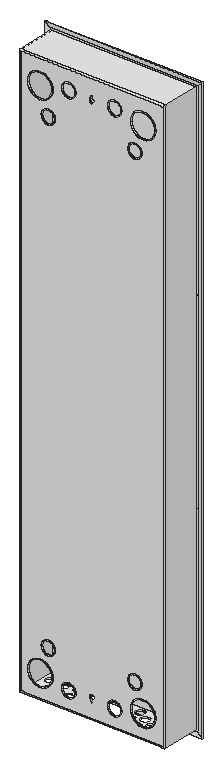
Revit family "Leviton_66POS_REF", category Electrical Equipment, host Wall, Revit 2026
Family settings
  Host = Wall
  Panel Configuration = Two Columns, Circuits Across
  Round Connector Dimension = Use Diameter
  Part Type = Panelboard
  Always vertical = Yes
  Cut with Voids When Loaded = Yes
  Maintain Annotation Orientation = No
  Shared = No
  Room Calculation Point = No
Parameters
  Weight = 29.00 lbf
  Wattage = ""
  Voltage_MEP = 120 V
  Voltage = ""
  Unit Width = Overall Width - 1.349"  # 14.115"
  Unit Height = Overall Height - 1.9138"  # 55.8732"
  Unit Depth = 3.800"  # constant formula
  URL = "https://www.leviton.com/en"
  built-in parameter 1140142 [instance] = (empty or 0)
  Specification = "https://www.arcat.com/company/leviton-mfg-co-inc-41690/spec"
  built-in parameter 1140080 [instance] = (empty or 0)
  Product Data = "https://www.arcat.com/arcatcos/cos41/arc41690.html"
  Panel Name [instance] = (empty or 0)
  Swing Panel Angle [instance] = 0.00°
  Overall Width = 15.464"  # constant formula
  Overall Height = 57.787"  # constant formula
  Number of Pole = 1
  Neutral Rating = 0.00%
  Neutral Bus = (empty or 0)
  NEMA Enclosure Type = "NEMA 1 Indoor"
  built-in parameter 1140081 [instance] = (empty or 0)
  Model = "66POS REF"
  built-in parameter 1140079 [instance] = (empty or 0)
  Manufacturer = "Leviton"  # constant formula
  Mains Type = ""
  built-in parameter 1140082 [instance] = (empty or 0)
  built-in parameter 1140140 [instance] = (empty or 0)
  Load Classification [instance] = none
  Ground Bus = no
  built-in parameter 1155100 [instance] = -1
  built-in parameter 1140138 [instance] = (empty or 0)
  Dimensions = "55.873\" H x 14.115\" W x 3.800\" D"
  Description = "66 Space Indoor Load Center Cover and Door with Window"
  Default Elevation = 0.000"
  Cost = 1
  Copyright = "© 2022 Leviton Manufacturing Co., Inc."  # constant formula
  built-in parameter 1140086 [instance] = (empty or 0)
  built-in parameter 1140085 [instance] = (empty or 0)
  built-in parameter 1140087 [instance] = element -7000010
  built-in parameter 1140143 = (empty or 0)
Reference planes (in)
  plane 1: y = 0
  plane 2 "Center (Left/Right)": x = 0
  plane 3 "Wall Edge": y = 6
  plane 4: z = 57.787
  plane 5: x = -7.732
  plane 6: x = 7.732
  plane 7 "Base": z = 0
  plane 8: y = 2.2
  plane 9: z = 56.8301
  plane 10: z = 0.9569
  plane 11: x = -7.0575
  plane 12: x = 7.0575
  plane 13: y = 6.10905
  plane 14: y = 6.05853
  plane 15: y = 6.32605
  plane 16: y = 6.529
  plane 17: z = 47.41801
  plane 18: z = 5.21792
  plane 19: x = -4.99989
  plane 20: z = 0.675
  plane 21: z = 57.112
  plane 22: y = 2.2635
  plane 23: x = 6.87757
  plane 24: x = 5.49988
  plane 25: x = -5.49988
  plane 26: x = -6.87485
  plane 27: z = 56.41049
  plane 28: z = 38.97845
  plane 29: z = 20.1699
  plane 30: z = 1.36135
  plane 31: z = 55.12825
  plane 32: z = 55.50325
  plane 33: z = 2.65875
  plane 34: z = 2.28375
  plane 35: x = 4.93739
  plane 36: x = 4.78069
  plane 37: z = 0.6084
Forms (in)
  Sweep 1, solid, material "Body"
    path origin (0, 6, 0) x (1, 0, 0) y (0, 0, 1)
      loop
        line (-7.0575, 57.112) -> (-7.0575, 0.675) -> (7.0575, 0.675) -> (7.0575, 57.112) -> (-7.0575, 57.112)
    profile origin (-7.0575, 6, 28.8935) x (0, -1, 0) y (1, 0, 0)
      loop
        line (-0.10905, 0) -> (-0.10905, -0.29564) -> (-0.05902, -0.67451) -> (0.00005, -0.66671) -> (-0.05853, -0.22311) -> (-0.05853, -0.0666) -> (3.70475, -0.0666)
        arc (3.70475, -0.0666) -> (3.7721, -0.0387) -> (3.8, 0.02865) r 0.09525
        line (3.8, 0.02865) -> (3.8, 0.11965) -> (3.7365, 0.11965) -> (3.7365, 0.02865)
        arc (3.7365, 0.02865) -> (3.72614, 0.00822) -> (3.70475, 0) r 0.03192
        line (3.70475, 0) -> (-0.10905, 0)
  Sweep 2, solid, material "Body"
    path origin (0, 6, 0) x (1, 0, 0) y (0, 0, 1)
      loop
        line (-4.99989, 47.01801) -> (-4.99989, 5.61792)
        arc (-4.99989, 5.61792) -> (-4.88273, 5.33508) -> (-4.59989, 5.21792) r 0.4
        line (-4.59989, 5.21792) -> (4.43538, 5.21792)
        arc (4.43538, 5.21792) -> (4.71822, 5.33508) -> (4.83538, 5.61792) r 0.4
        line (4.83538, 5.61792) -> (4.83538, 47.01801)
        arc (4.83538, 47.01801) -> (4.71822, 47.30085) -> (4.43538, 47.41801) r 0.4
        line (4.43538, 47.41801) -> (-4.59989, 47.41801)
        arc (-4.59989, 47.41801) -> (-4.88273, 47.30085) -> (-4.99989, 47.01801) r 0.4
    profile origin (-4.99989, 6, 26.31797) x (0, -1, 0) y (1, 0, 0)
      loop
        line (-0.10905, -1.24997) -> (-0.10905, -1.02544) -> (-0.27605, -0.29436) -> (-0.27605, -0.05) -> (-0.05853, -0.05) -> (-0.05853, 0.1) -> (-0.10905, 0.1) -> (-0.10905, 0) -> (-0.32605, 0) -> (-0.32605, -0.29999) -> (-0.10905, -1.24997)
  Extrusion 3, solid, material "Body"
    sketch origin (0, 6, 0) x (1, 0, 0) y (0, 0, 1)
      loop
        line (-6.93785, 56.99235) -> (-6.93785, 0.79465) -> (6.93785, 0.79465) -> (6.93785, 56.99235) -> (-6.93785, 56.99235)
      loop
        arc (0.1, 55.50325) -> (0, 55.60325) -> (-0.1, 55.50325) r 0.1
        line (-0.1, 55.50325) -> (-0.1, 55.35738)
        arc (-0.1, 55.35738) -> (0, 54.87825) -> (0.1, 55.35738) r 0.25
        line (0.1, 55.35738) -> (0.1, 55.50325)
      loop
        line (0.1, 2.28375) -> (0.1, 2.42962)
        arc (0.1, 2.42962) -> (0, 2.90875) -> (-0.1, 2.42962) r 0.25
        line (-0.1, 2.42962) -> (-0.1, 2.28375)
        arc (-0.1, 2.28375) -> (0, 2.18375) -> (0.1, 2.28375) r 0.1
    from 3.7365 to 3.8
  Extrusion 4, solid, material "Body"
    sketch origin (0, 6, 0) x (1, 0, 0) y (0, 0, 1)
      loop
        line (7.0575, 0.675) -> (7.0575, 57.112) -> (-7.0575, 57.112) -> (-7.0575, 0.675) -> (7.0575, 0.675)
      loop
        line (-4.99989, 47.41801) -> (-4.99989, 5.21792) -> (4.83538, 5.21792) -> (4.83538, 47.41801) -> (-4.99989, 47.41801)
    from -0.10905 to -0.05853
  Extrusion 5, void
    sketch origin (0, 6, 0) x (1, 0, 0) y (0, 0, 1)
      loop
        line (7.0575, 57.112) -> (-7.0575, 57.112) -> (-7.0575, 0.675) -> (7.0575, 0.675) -> (7.0575, 57.112)
    from -0.47169 to 3.8
  Extrusion 6, void
    sketch origin (-4.93739, 3.32605, -1.25) x (1, 0, 0) y (0, 1, 0)
      loop
        circle (10.7367, 0.07387) r 0.99193
      loop
        circle (11.13667, 1.87375) r 0.55446
      loop
        circle (9.73676, 1.87375) r 0.55446
      loop
        circle (9.1568, 0.79883) r 0.43747
      loop
        circle (8.15687, 1.38929) r 0.43747
      loop
        circle (7.15693, 1.97975) r 0.43747
      loop
        circle (7.15693, 0.79883) r 0.43747
      loop
        circle (8.15687, 0.20836) r 0.43747
      loop
        circle (9.1568, -0.3821) r 0.43747
      loop
        circle (7.15693, -0.3821) r 0.43747
      loop
        circle (1.24707, 1.79776) r 0.43747
      loop
        circle (0.0374, 1.62617) r 0.43747
      loop
        circle (-1.36251, 1.62617) r 0.43747
      loop
        circle (-0.66255, 0.67623) r 0.43747
      loop
        circle (-1.36251, -0.2737) r 0.43747
      loop
        circle (0.0374, -0.2737) r 0.43747
      loop
        circle (1.37006, 0.37885) r 0.68745
      loop
        circle (2.90591, -0.18861) r 0.55446
      loop
        circle (2.90591, 1.68627) r 0.55446
      loop
        circle (4.93708, 0.73383) r 1.4844
    from 1.925 to 1.8584
  Extrusion 7, void
    sketch origin (0, 6, 0) x (1, 0, 0) y (0, 0, 1)
      loop
        circle (-5.12174, 54.67356) r 1.2345
      loop
        circle (4.97826, 54.67356) r 1.2345
      loop
        circle (-5.12174, 2.95356) r 1.2345
      loop
        circle (4.97826, 2.95356) r 1.2345
    from 3.7365 to 3.8
  Extrusion 8, void
    sketch origin (0, 6, 0) x (1, 0, 0) y (0, 0, 1)
      loop
        circle (-2.32174, 55.22301) r 0.6875
      loop
        circle (2.17826, 55.22301) r 0.6875
      loop
        circle (-4.32174, 52.17356) r 0.6875
      loop
        circle (4.17826, 52.17356) r 0.6875
      loop
        circle (-4.32174, 5.45356) r 0.6875
      loop
        circle (4.17826, 5.45356) r 0.6875
      loop
        circle (2.17826, 2.40411) r 0.6875
      loop
        circle (-2.32174, 2.40411) r 0.6875
    from 3.7365 to 3.8
  Extrusion 9, solid, material "Body"
    sketch origin (0, 6, 0) x (1, 0, 0) y (0, 0, 1)
      loop
        circle (-5.12174, 2.95356) r 1.2345
      loop
        circle (-2.32174, 2.40411) r 0.6875
      loop
        circle (-4.32174, 5.45356) r 0.6875
      loop
        circle (2.17826, 2.40411) r 0.6875
      loop
        circle (4.97826, 2.95356) r 1.2345
      loop
        circle (4.17826, 5.45356) r 0.6875
      loop
        circle (4.17826, 52.17356) r 0.6875
      loop
        circle (4.97826, 54.67356) r 1.2345
      loop
        circle (2.17826, 55.22301) r 0.6875
      loop
        circle (-2.32174, 55.22301) r 0.6875
      loop
        circle (-5.12174, 54.67356) r 1.2345
      loop
        circle (-4.32174, 52.17356) r 0.6875
      loop
        circle (-5.12174, 54.67356) r 1.1845
      loop
        circle (-2.32174, 55.22301) r 0.6375
      loop
        circle (2.17826, 55.22301) r 0.6375
      loop
        circle (4.97826, 54.67356) r 1.1845
      loop
        circle (4.17826, 52.17356) r 0.6375
      loop
        circle (-4.32174, 52.17356) r 0.6375
      loop
        circle (-5.12174, 2.95356) r 1.1845
      loop
        circle (-4.32174, 5.45356) r 0.6375
      loop
        circle (-2.32174, 2.40411) r 0.6375
      loop
        circle (2.17826, 2.40411) r 0.6375
      loop
        circle (4.97826, 2.95356) r 1.1845
      loop
        circle (4.17826, 5.45356) r 0.6375
    from 3.7365 to 3.8
Cuts and joins
  Extrusion 6 cuts Sweep 1
  Extrusion 7, Extrusion 8 cuts Extrusion 3
  Extrusion 7, Extrusion 8 cuts Extrusion 4
  joined: Sweep 1, Extrusion 3, Extrusion 4
Lines and regions (in)
  reference lines
    curve 1: line (4.78069, 6.32605, 0) -> (-20.46931, 6.32605, 0)
Text (in)
  text "Placement Side" at (0, 40.15149, 123.01588), in view "Right"
  text "Placement Side" at (-70.3804, 28.46503, 0), in view "Ref. Level"
  text "Placement Side" at (0, 81.62555, 140.59947), in view "Left"
Dimensions and locks (in)
  locked: plane 3 "Wall Edge" to host wall
  "Overall Height": plane 7 "Base" to plane 4
  equal spacing: plane 5, plane 2 "Center (Left/Right)", plane 6
  "Overall Width": plane 5 to plane 6
  level to plane 7 "Base" = 0.000"
  "Unit Depth": plane 3 "Wall Edge" to plane 8
  equal spacing: plane 11, plane 2 "Center (Left/Right)", plane 12
  "Unit Width": plane 11 to plane 12
  "Unit Height": plane 10 to plane 9
  plane 5 to plane 11 = 0.6745"
  plane 12 to plane 6 = 0.6745"
  plane 7 "Base" to plane 4 = 57.787"
  plane 10 to plane 9 = 55.8732"
  locked: plane 7 "Base" to plane 18 at 5.21792
  locked: plane 17 to plane 4 at 10.36899
  locked: plane 5 to plane 19 at 2.73211
  plane 3 "Wall Edge" to plane 14 to plane 13 to plane 15 = 0.05853" locked, 0.05053" locked, 0.217" locked
  locked: plane 19 to Sweep 2 sketch curve at 0.4  (x2)
  locked: plane 18 to Sweep 2 sketch curve at 0.4  (x2)
  locked: Sweep 2 sketch curve to plane 17 at 0.4  (x2)
  locked: plane 21 to plane 4 at 0.675
  locked: plane 7 "Base" to plane 20 at 0.675
  locked: plane 22 to plane 8 at 0.0635
  plane 24 to plane 23 to plane 6 = 1.37769" locked, 0.85443" locked
  plane 5 to plane 26 to plane 25 = 0.85715" locked, 1.37497" locked
  locked: plane 7 "Base" to plane 30 at 1.36135
  locked: plane 27 to plane 4 at 1.37651
  plane 7 "Base" to plane 29 to plane 28 to plane 4 = 20.1699", 18.80855", 18.80855"
  equal spacing: plane 30, plane 29, plane 28, plane 4
  locked: plane 7 "Base" to plane 10 at 0.9569
  plane 31 to plane 32 to plane 4 = 0.375" locked, 2.28375" locked
  locked: plane 33 to plane 34 at 0.375
  locked: plane 7 "Base" to plane 34 at 2.28375
  locked: Sweep 1 sketch curve to plane 8 at 0.09525  (x2)
  plane 11 to Sweep 1 sketch curve to Sweep 1 sketch curve = 0.02865" locked, 0.00326" locked
  locked: plane 3 "Wall Edge" to plane 16 at 0.529
  plane 36 to plane 35 to plane 24 = 0.1567" locked, 0.56249" locked
  locked: plane 20 to plane 37 at 0.0666
  Extrusion 6 sketch curve to Extrusion 6 sketch curve to Extrusion 6 sketch curve to Extrusion 6 sketch curve to Extrusion 6 sketch curve to Extrusion 6 sketch curve to Extrusion 6 sketch curve to Extrusion 6 sketch curve to Extrusion 6 sketch curve to Extrusion 6 sketch curve to Extrusion 6 sketch curve to Extrusion 6 sketch curve to Extrusion 6 sketch curve to Extrusion 6 sketch curve to Extrusion 6 sketch curve to Extrusion 6 sketch curve to Extrusion 6 sketch curve to Extrusion 6 sketch curve to Extrusion 6 sketch curve to Extrusion 6 sketch curve to plane 3 "Wall Edge" = 0.000" locked, 0.10839" locked, 0.000" locked, 0.08509" locked, 0.26248" locked, 0.13449" locked, 0.17049" locked, 0.29738" locked, 0.0576" locked, 0.065" locked, 0.000" locked, 0.59046" locked, 0.23688" locked, 0.000" locked, 0.0601" locked, 0.11149" locked, 0.076" locked, 0.000" locked, 0.10599" locked, 0.6942" locked
  angle curve 1 to plane 3 "Wall Edge" = 0.00°
  aligned and locked: plane 11 to Sweep 1 sketch curve
  aligned and locked: plane 12 to Sweep 1 sketch curve
  aligned and locked: plane 17 to Sweep 2 sketch curve
  aligned and locked: plane 18 to Sweep 2 sketch curve
  aligned and locked: plane 13 to Sweep 2 sketch curve
  aligned and locked: Sweep 2 sketch curve to plane 13
  aligned and locked: plane 14 to Sweep 2 sketch curve
  aligned and locked: profile plane to Sweep 2 sketch curve
  aligned and locked: Sweep 2 sketch curve to plane 15
  aligned and locked: plane 20 to Sweep 1 sketch curve
  aligned and locked: plane 21 to Sweep 1 sketch curve
  aligned and locked: Extrusion 3 sketch curve to Sweep 1  (x4)
  aligned and locked: plane 22 to Extrusion 3
  aligned and locked: Extrusion 3 to plane 8
  aligned and locked: plane 20 to Extrusion 4 sketch curve
  aligned and locked: plane 11 to Extrusion 4 sketch curve
  aligned and locked: plane 12 to Extrusion 4 sketch curve
  aligned and locked: plane 17 to Extrusion 4 sketch curve
  aligned and locked: plane 19 to Extrusion 4 sketch curve
  aligned and locked: plane 18 to Extrusion 4 sketch curve
  aligned and locked: plane 13 to Extrusion 4
  aligned and locked: Extrusion 4 to plane 14
  aligned and locked: plane 21 to Extrusion 4 sketch curve
  aligned and locked: plane 27 to nested 1
  aligned and locked: nested 1 to plane 24
  aligned and locked: nested 2 to plane 25
  aligned and locked: plane 27 to nested 2
  aligned and locked: nested 3 to plane 26
  aligned and locked: plane 28 to nested 3
  aligned and locked: nested 4 to plane 23
  aligned and locked: plane 28 to nested 4
  aligned and locked: nested 5 to plane 23
  aligned and locked: plane 29 to nested 5
  aligned and locked: nested 6 to plane 26
  aligned and locked: plane 29 to nested 6
  aligned and locked: nested 7 to plane 25
  aligned and locked: plane 30 to nested 7
  aligned and locked: nested 8 to plane 24
  aligned and locked: plane 30 to nested 8
  aligned and locked: plane 21 to Extrusion 5 sketch curve
  aligned and locked: plane 11 to Extrusion 5 sketch curve
  aligned and locked: plane 20 to Extrusion 5 sketch curve
  aligned and locked: Extrusion 5 sketch curve to plane 12
  aligned and locked: plane 2 "Center (Left/Right)" to Extrusion 3 sketch curve  (x4)
  aligned and locked: plane 31 to Extrusion 3 sketch curve
  aligned and locked: plane 32 to Extrusion 3 sketch curve
  aligned and locked: plane 33 to Extrusion 3 sketch curve
  aligned and locked: plane 34 to Extrusion 3 sketch curve
  aligned and locked: Sweep 1 sketch curve to plane 22
  aligned and locked: plane 8 to Sweep 1 sketch curve
  aligned and locked: curve 1 to plane 15
  aligned and locked: Extrusion 5 to plane 8
  aligned and locked: plane 36 to curve 1
  aligned and locked: plane 20 to Extrusion 6
  aligned and locked: Extrusion 6 to plane 37
  aligned and locked: plane 22 to Extrusion 8
  aligned and locked: plane 22 to Extrusion 7
  aligned and locked: Extrusion 8 to plane 8
  aligned and locked: Extrusion 7 to plane 8
  aligned and locked: plane 22 to Extrusion 9
  aligned and locked: Extrusion 9 to plane 8
Automatic sketch dimensions
  Sweep 1 sketch curve to profile plane = 0.000"
  plane 3 "Wall Edge" to Sweep 1 sketch curve = 0.00005"
  Sweep 1 sketch curve to plane 3 "Wall Edge" = 0.05853"
  Sweep 1 sketch curve to plane 3 "Wall Edge" = 0.05902"
  Sweep 1 sketch curve to Sweep 1 sketch curve = 0.05053"
  Sweep 1 sketch curve to Sweep 1 sketch curve = 0.15652"
  Sweep 1 sketch curve to Sweep 1 sketch curve = 0.07253"
  Sweep 1 sketch curve to Sweep 1 sketch curve = 0.091"
  Sweep 2 sketch curve to plane 35 = 0.50201"
  Sweep 2 sketch curve to Sweep 2 sketch curve = 0.050"
  profile plane to Sweep 2 sketch curve = 0.050"
  Sweep 2 sketch curve to Sweep 2 sketch curve = 0.24436"
  Sweep 2 sketch curve to Sweep 2 sketch curve = 0.00564"
  Sweep 2 sketch curve to Sweep 2 sketch curve = 0.73109"
  Sweep 2 sketch curve to Sweep 2 sketch curve = 0.22453"
  Sweep 2 sketch curve to profile plane = 0.100"
  Extrusion 3 sketch curve to Extrusion 3 sketch curve = 0.100"
  Extrusion 3 sketch curve to plane 2 "Center (Left/Right)" = 0.100"
  Extrusion 3 sketch curve to Extrusion 3 sketch curve = 0.14587"  (x2)
  Extrusion 4 sketch curve to plane 35 = 0.10201"
  Extrusion 8 sketch curve to plane 31 = 0.09476"  (x2)
  Extrusion 8 sketch curve to plane 2 "Center (Left/Right)" = 2.32174"
  plane 2 "Center (Left/Right)" to Extrusion 8 sketch curve = 2.17826"
  Extrusion 6 sketch curve to plane 26 = 0.57495"  (x2)
  plane 25 to Extrusion 6 sketch curve = 0.10007"
  Extrusion 6 sketch curve to plane 19 = 0.0999"  (x2)
  Extrusion 6 sketch curve to Extrusion 6 sketch curve = 1.20967"
  Extrusion 6 sketch curve to Extrusion 6 sketch curve = 0.12299"
  Extrusion 6 sketch curve to Extrusion 6 sketch curve = 1.65884"
  Extrusion 6 sketch curve to Extrusion 6 sketch curve = 1.53585"
  Extrusion 6 sketch curve to plane 2 "Center (Left/Right)" = 0.00031"
  plane 2 "Center (Left/Right)" to Extrusion 6 sketch curve = 2.21954"
  Extrusion 6 sketch curve to Extrusion 6 sketch curve = 0.000"  (x2)
  Extrusion 6 sketch curve to Extrusion 6 sketch curve = 0.99993"  (x2)
  plane 36 to Extrusion 6 sketch curve = 0.56129"  (x2)
  Extrusion 6 sketch curve to plane 36 = 0.01868"
  Extrusion 6 sketch curve to plane 24 = 0.29942"
  plane 23 to Extrusion 6 sketch curve = 0.67829"
  plane 19 to Extrusion 9 sketch curve = 0.12184"  (x2)
  Extrusion 9 sketch curve to plane 18 = 0.23564"  (x2)
  Extrusion 9 sketch curve to plane 19 = 0.67816"  (x2)
  plane 34 to Extrusion 9 sketch curve = 0.12036"  (x2)
  Extrusion 9 sketch curve to plane 2 "Center (Left/Right)" = 2.32174"  (x2)
  Extrusion 9 sketch curve to plane 31 = 0.09476"  (x2)
  plane 2 "Center (Left/Right)" to Extrusion 9 sketch curve = 2.17826"  (x2)
  plane 36 to Extrusion 9 sketch curve = 0.60243"  (x2)
  plane 35 to Extrusion 9 sketch curve = 0.04087"  (x2)
  plane 33 to Extrusion 9 sketch curve = 0.29481"  (x2)
  plane 31 to Extrusion 9 sketch curve = 2.95469"  (x2)
  plane 31 to Extrusion 9 sketch curve = 0.45469"  (x2)
  radius of Extrusion 8 sketch curve = 0.6875"  (x2)
  radius of Extrusion 6 sketch curve = 0.99193"
  radius of Extrusion 6 sketch curve = 0.55446"  (x4)
  radius of Extrusion 6 sketch curve = 0.43747"  (x13)
  radius of Extrusion 6 sketch curve = 0.68745"
  radius of Extrusion 6 sketch curve = 1.4844"
  radius of Extrusion 9 sketch curve = 1.2345"  (x4)
  radius of Extrusion 9 sketch curve = 0.6875"  (x8)
Nested families (in)
  nested 1: "Bolt" at (5.49988, 6.10905, 56.41049) x (0, 0, -1) z (0, 1, 0), type "Bolt"
  nested 2: "Bolt" at (-5.49988, 6.10905, 56.41049) x (0, 0, -1) z (0, 1, 0), type "Bolt"
  nested 3: "Bolt" at (-6.87485, 6.10905, 38.97845) x (0, 0, -1) z (0, 1, 0), type "Bolt"
  nested 4: "Bolt" at (6.87757, 6.10905, 38.97845) x (0, 0, -1) z (0, 1, 0), type "Bolt"
  nested 5: "Bolt" at (6.87757, 6.10905, 20.1699) x (0, 0, -1) z (0, 1, 0), type "Bolt"
  nested 6: "Bolt" at (-6.87485, 6.10905, 20.1699) x (0, 0, -1) z (0, 1, 0), type "Bolt"
  nested 7: "Bolt" at (-5.49988, 6.10905, 1.36135) x (0, 0, -1) z (0, 1, 0), type "Bolt"
  nested 8: "Bolt" at (5.49988, 6.10905, 1.36135) x (0, 0, -1) z (0, 1, 0), type "Bolt"
  nested 9: "Door" at (-0.17434, 6.08967, 0), type "Door"
Connectors (in)
  cabletrayconduit at (-0.00031, 4.05988, 0.6084), diameter 2.969
    settings: on cut or joined group of Sweep 1, Extrusion 3, Extrusion 4, Extrusion 6, Extrusion 7, Extrusion 8, index 1, connector width 12.000", connector height 12.000", connector angle 0.00°, system type 32, placement type 0, profile type 0, connector reference index -1, is primary connector yes, connector utility param no, connector description ""
  cabletrayconduit at (-2.03148, 3.13744, 0.6084), diameter 1.109
    settings: on cut or joined group of Sweep 1, Extrusion 3, Extrusion 4, Extrusion 6, Extrusion 7, Extrusion 8, index 2, connector width 12.000", connector height 12.000", connector angle 0.00°, system type 32, placement type 0, profile type 0, connector reference index -1, is primary connector no, connector utility param no, connector description ""
  cabletrayconduit at (-2.03148, 5.01231, 0.6084), diameter 1.109
    settings: on cut or joined group of Sweep 1, Extrusion 3, Extrusion 4, Extrusion 6, Extrusion 7, Extrusion 8, index 3, connector width 12.000", connector height 12.000", connector angle 0.00°, system type 32, placement type 0, profile type 0, connector reference index -1, is primary connector no, connector utility param no, connector description ""
  cabletrayconduit at (5.7993, 3.39992, 0.6084), diameter 1.984
    settings: on cut or joined group of Sweep 1, Extrusion 3, Extrusion 4, Extrusion 6, Extrusion 7, Extrusion 8, index 4, connector width 12.000", connector height 12.000", connector angle 0.00°, system type 32, placement type 0, profile type 0, connector reference index -1, is primary connector no, connector utility param no, connector description ""
  cabletrayconduit at (6.19928, 5.1998, 0.6084), diameter 1.109
    settings: on cut or joined group of Sweep 1, Extrusion 3, Extrusion 4, Extrusion 6, Extrusion 7, Extrusion 8, index 6, connector width 12.000", connector height 12.000", connector angle 0.00°, system type 32, placement type 0, profile type 0, connector reference index -1, is primary connector no, connector utility param no, connector description ""
  cabletrayconduit at (4.79937, 5.1998, 0.6084), diameter 1.109
    settings: on cut or joined group of Sweep 1, Extrusion 3, Extrusion 4, Extrusion 6, Extrusion 7, Extrusion 8, index 7, connector width 12.000", connector height 12.000", connector angle 0.00°, system type 32, placement type 0, profile type 0, connector reference index -1, is primary connector no, connector utility param no, connector description ""
  cabletrayconduit at (4.21941, 4.12487, 0.6084), diameter 0.875
    settings: on cut or joined group of Sweep 1, Extrusion 3, Extrusion 4, Extrusion 6, Extrusion 7, Extrusion 8, index 8, connector width 12.000", connector height 12.000", connector angle 0.00°, system type 32, placement type 0, profile type 0, connector reference index -1, is primary connector no, connector utility param no, connector description ""
  cabletrayconduit at (4.21941, 2.94395, 0.6084), diameter 0.875
    settings: on cut or joined group of Sweep 1, Extrusion 3, Extrusion 4, Extrusion 6, Extrusion 7, Extrusion 8, index 9, connector width 12.000", connector height 12.000", connector angle 0.00°, system type 32, placement type 0, profile type 0, connector reference index -1, is primary connector no, connector utility param no, connector description ""
  cabletrayconduit at (3.21947, 3.53441, 0.6084), diameter 0.875
    settings: on cut or joined group of Sweep 1, Extrusion 3, Extrusion 4, Extrusion 6, Extrusion 7, Extrusion 8, index 10, connector width 12.000", connector height 12.000", connector angle 0.00°, system type 32, placement type 0, profile type 0, connector reference index -1, is primary connector no, connector utility param no, connector description ""
  cabletrayconduit at (3.21947, 4.71533, 0.6084), diameter 0.875
    settings: on cut or joined group of Sweep 1, Extrusion 3, Extrusion 4, Extrusion 6, Extrusion 7, Extrusion 8, index 11, connector width 12.000", connector height 12.000", connector angle 0.00°, system type 32, placement type 0, profile type 0, connector reference index -1, is primary connector no, connector utility param no, connector description ""
  cabletrayconduit at (2.21954, 2.94395, 0.6084), diameter 0.875
    settings: on cut or joined group of Sweep 1, Extrusion 3, Extrusion 4, Extrusion 6, Extrusion 7, Extrusion 8, index 12, connector width 12.000", connector height 12.000", connector angle 0.00°, system type 32, placement type 0, profile type 0, connector reference index -1, is primary connector no, connector utility param no, connector description ""
  cabletrayconduit at (2.21954, 4.12487, 0.6084), diameter 0.875
    settings: on cut or joined group of Sweep 1, Extrusion 3, Extrusion 4, Extrusion 6, Extrusion 7, Extrusion 8, index 13, connector width 12.000", connector height 12.000", connector angle 0.00°, system type 32, placement type 0, profile type 0, connector reference index -1, is primary connector no, connector utility param no, connector description ""
  cabletrayconduit at (2.21954, 5.3058, 0.6084), diameter 0.875
    settings: on cut or joined group of Sweep 1, Extrusion 3, Extrusion 4, Extrusion 6, Extrusion 7, Extrusion 8, index 14, connector width 12.000", connector height 12.000", connector angle 0.00°, system type 32, placement type 0, profile type 0, connector reference index -1, is primary connector no, connector utility param no, connector description ""
  cabletrayconduit at (-3.56733, 3.7049, 0.6084), diameter 1.375
    settings: on cut or joined group of Sweep 1, Extrusion 3, Extrusion 4, Extrusion 6, Extrusion 7, Extrusion 8, index 15, connector width 12.000", connector height 12.000", connector angle 0.00°, system type 32, placement type 0, profile type 0, connector reference index -1, is primary connector no, connector utility param no, connector description ""
  cabletrayconduit at (-4.89999, 3.05234, 0.6084), diameter 0.875
    settings: on cut or joined group of Sweep 1, Extrusion 3, Extrusion 4, Extrusion 6, Extrusion 7, Extrusion 8, index 16, connector width 12.000", connector height 12.000", connector angle 0.00°, system type 32, placement type 0, profile type 0, connector reference index -1, is primary connector no, connector utility param no, connector description ""
  cabletrayconduit at (-3.69032, 5.12381, 0.6084), diameter 0.875
    settings: on cut or joined group of Sweep 1, Extrusion 3, Extrusion 4, Extrusion 6, Extrusion 7, Extrusion 8, index 17, connector width 12.000", connector height 12.000", connector angle 0.00°, system type 32, placement type 0, profile type 0, connector reference index -1, is primary connector no, connector utility param no, connector description ""
  cabletrayconduit at (-4.89999, 4.95222, 0.6084), diameter 0.875
    settings: on cut or joined group of Sweep 1, Extrusion 3, Extrusion 4, Extrusion 6, Extrusion 7, Extrusion 8, index 18, connector width 12.000", connector height 12.000", connector angle 0.00°, system type 32, placement type 0, profile type 0, connector reference index -1, is primary connector no, connector utility param no, connector description ""
  cabletrayconduit at (-5.59995, 4.00228, 0.6084), diameter 0.875
    settings: on cut or joined group of Sweep 1, Extrusion 3, Extrusion 4, Extrusion 6, Extrusion 7, Extrusion 8, index 19, connector width 12.000", connector height 12.000", connector angle 0.00°, system type 32, placement type 0, profile type 0, connector reference index -1, is primary connector no, connector utility param no, connector description ""
  cabletrayconduit at (-6.2999, 3.05234, 0.6084), diameter 0.875
    settings: on cut or joined group of Sweep 1, Extrusion 3, Extrusion 4, Extrusion 6, Extrusion 7, Extrusion 8, index 20, connector width 12.000", connector height 12.000", connector angle 0.00°, system type 32, placement type 0, profile type 0, connector reference index -1, is primary connector no, connector utility param no, connector description ""
  cabletrayconduit at (-6.2999, 4.95222, 0.6084), diameter 0.875
    settings: on cut or joined group of Sweep 1, Extrusion 3, Extrusion 4, Extrusion 6, Extrusion 7, Extrusion 8, index 21, connector width 12.000", connector height 12.000", connector angle 0.00°, system type 32, placement type 0, profile type 0, connector reference index -1, is primary connector no, connector utility param no, connector description ""
  cabletrayconduit at (-5.12174, 2.2635, 2.95356), diameter 2.469
    settings: on Extrusion 9, index 22, connector width 12.000", connector height 12.000", connector angle 0.00°, system type 32, placement type 0, profile type 0, connector reference index -1, is primary connector no, connector utility param no, connector description ""
  cabletrayconduit at (-4.32174, 2.2635, 5.45356), diameter 1.375
    settings: on Extrusion 9, index 23, connector width 12.000", connector height 12.000", connector angle 0.00°, system type 32, placement type 0, profile type 0, connector reference index -1, is primary connector no, connector utility param no, connector description ""
  cabletrayconduit at (-2.32174, 2.2635, 2.40411), diameter 1.375
    settings: on Extrusion 9, index 24, connector width 12.000", connector height 12.000", connector angle 0.00°, system type 32, placement type 0, profile type 0, connector reference index -1, is primary connector no, connector utility param no, connector description ""
  cabletrayconduit at (2.17826, 2.2635, 2.40411), diameter 1.375
    settings: on Extrusion 9, index 25, connector width 12.000", connector height 12.000", connector angle 0.00°, system type 32, placement type 0, profile type 0, connector reference index -1, is primary connector no, connector utility param no, connector description ""
  cabletrayconduit at (4.97826, 2.2635, 2.95356), diameter 2.469
    settings: on Extrusion 9, index 26, connector width 12.000", connector height 12.000", connector angle 0.00°, system type 32, placement type 0, profile type 0, connector reference index -1, is primary connector no, connector utility param no, connector description ""
  cabletrayconduit at (4.17826, 2.2635, 5.45356), diameter 1.375
    settings: on Extrusion 9, index 27, connector width 12.000", connector height 12.000", connector angle 0.00°, system type 32, placement type 0, profile type 0, connector reference index -1, is primary connector no, connector utility param no, connector description ""
  cabletrayconduit at (-5.12174, 2.2635, 54.67356), diameter 2.469
    settings: on Extrusion 9, index 28, connector width 12.000", connector height 12.000", connector angle 0.00°, system type 32, placement type 0, profile type 0, connector reference index -1, is primary connector no, connector utility param no, connector description ""
  cabletrayconduit at (-2.32174, 2.2635, 55.22301), diameter 1.375
    settings: on Extrusion 9, index 29, connector width 12.000", connector height 12.000", connector angle 0.00°, system type 32, placement type 0, profile type 0, connector reference index -1, is primary connector no, connector utility param no, connector description ""
  cabletrayconduit at (-4.32174, 2.2635, 52.17356), diameter 1.375
    settings: on Extrusion 9, index 30, connector width 12.000", connector height 12.000", connector angle 0.00°, system type 32, placement type 0, profile type 0, connector reference index -1, is primary connector no, connector utility param no, connector description ""
  cabletrayconduit at (2.17826, 2.2635, 55.22301), diameter 1.375
    settings: on Extrusion 9, index 31, connector width 12.000", connector height 12.000", connector angle 0.00°, system type 32, placement type 0, profile type 0, connector reference index -1, is primary connector no, connector utility param no, connector description ""
  cabletrayconduit at (4.17826, 2.2, 52.17356), diameter 1.375
    settings: on Extrusion 9, index 32, connector width 12.000", connector height 12.000", connector angle 0.00°, system type 32, placement type 0, profile type 0, connector reference index -1, is primary connector no, connector utility param no, connector description ""
  cabletrayconduit at (4.97826, 2.2, 54.67356), diameter 2.469
    settings: on Extrusion 9, index 33, connector width 12.000", connector height 12.000", connector angle 0.00°, system type 32, placement type 0, profile type 0, connector reference index -1, is primary connector no, connector utility param no, connector description ""
  electrical at (0, 2.2635, 28.8935), driven by "Number of Pole", driven by "Voltage_MEP", driven by "Cost"
    settings: on cut or joined group of Sweep 1, Extrusion 3, Extrusion 4, Extrusion 6, Extrusion 7, Extrusion 8, index 34, voltage 120 V, apparent load 0 VA, apparent load phase1 0 VA, apparent load phase2 0 VA, apparent load phase3 0 VA, power factor 1, load classification "Other", number of poles 1, system type 30, power factor state 1, is connector primary yes, connector utility no, sub classification motor no, connector description ""
Definition of nested family "Bolt"
  Parameters (values of type "Bolt")
    Default Elevation = 48.000"
    Bolt = none
  Reference planes (in)
    plane 1 "Center (Front/Back)": y = 0
    plane 2: z = 0
    plane 3 "Center (Left/Right)": x = 0
    plane 4: z = 0
    plane 5: z = 0.125
    plane 6: x = 0.0275
    plane 7: x = -0.0275
  Forms (in)
    Extrusion 1, solid
      sketch origin (0, 0, 0) x (1, 0, 0) y (0, 1, 0)
        loop
          line (-48, 48) -> (-48, -48) -> (48, -48) -> (48, 48) -> (-48, 48)
      from 0 to -12
    Revolve 2, solid, material <- "Bolt"
      sketch origin (0, 0, 0) x (1, 0, 0) y (0, 0, 1)
        loop
          line (0.32999, 0) -> (0.32999, 0.06502)
          arc (0.32999, 0.06502) -> (0.1677, 0.10988) -> (0, 0.125) r 0.93783
          line (0, 0.125) -> (0, 0) -> (0.32999, 0)
        axis (0, 0.125) -> (0, 0)
      angle from 0 to 360
    Extrusion 3, void
      sketch origin (0, 0, 0) x (1, 0, 0) y (0, 1, 0)
        loop
          line (-0.0275, -0.33747) -> (0.0275, -0.33747) -> (0.0275, -0.06714)
          arc (0.0275, -0.06714) -> (0.07255, 0) -> (0.0275, 0.06714) r 0.07255
          line (0.0275, 0.06714) -> (0.0275, 0.33763) -> (-0.0275, 0.33763) -> (-0.0275, 0.06714)
          arc (-0.0275, 0.06714) -> (-0.07255, 0) -> (-0.0275, -0.06714) r 0.07255
          line (-0.0275, -0.06714) -> (-0.0275, -0.33747)
      from 0.03263 to 0.31409
  Cuts and joins
    Extrusion 3 cuts Revolve 2
  Dimensions and locks (in)
    aligned and locked: plane 2 to Extrusion 1
    aligned and locked: level to Extrusion 1
    aligned and locked: plane 4 to Extrusion 1
    aligned and locked: Revolve 2 sketch curve to plane 3 "Center (Left/Right)"  (x2)
    aligned and locked: Revolve 2 sketch curve to plane 4
    aligned and locked: Extrusion 3 sketch curve to plane 7
    aligned and locked: Extrusion 3 sketch curve to plane 6
Definition of nested family "Door"
  Parameters (values of type "Door")
    Unit Width = 14.115"
    Unit Height = 55.8732"
    Overall Width = 15.464"
    Overall Height = 57.787"
    Glass = none
    Door = none
    Default Elevation = 48.000"
  Reference planes (in)
    plane 1 "Center (Front/Back)": y = 0
    plane 2: z = 0
    plane 3 "Center (Left/Right)": x = -0.04484
    plane 4: z = 47.4269
    plane 5: z = 5.218
    plane 6: x = -4.78872
    plane 7: x = 4.95504
    plane 8: z = 9.21307
    plane 9: y = 0.23638
    plane 10: z = 9.69106
    plane 11: z = 8.73508
    plane 12: z = 17.76776
    plane 13: z = 18.24575
    plane 14: z = 17.28977
    plane 15: z = 34.87714
    plane 16: z = 35.35513
    plane 17: z = 34.39915
    plane 18: z = 43.43182
    plane 19: z = 43.90981
    plane 20: z = 42.95383
    plane 21: z = 26.32245
    plane 22: z = 26.80044
    plane 23: z = 25.84446
    plane 24: z = 57.787
    plane 25: x = 7.68716
    plane 26: x = -7.77684
    plane 27: z = 0
    plane 28: z = 27.49926
    plane 29: z = 25.15485
    plane 30: x = -4.66349
    plane 31: x = -2.31502
    plane 32: x = -2.8619
    plane 33: x = -3.45265
    plane 34: x = -4.30251
    plane 35: z = 27.03767
    plane 36: z = 25.61646
    plane 37: x = -3.75387
    plane 38: y = 0.30849
    plane 39: y = 0.37523
    plane 40: y = 0.43932
    plane 41: z = 46.6769
    plane 42: z = 5.9269
    plane 43: x = 4.30185
    plane 44: x = -4.20415
    plane 45: y = 0.17744
    plane 46: y = 0.05923
  Forms (in)
    Extrusion 1, solid, material <- "Door"
      sketch origin (0, 0, 0) x (1, 0, 0) y (0, 0, 1)
        loop
          line (-4.78247, 47.0269) -> (-4.78247, 5.618)
          arc (-4.78247, 5.618) -> (-4.6946, 5.40587) -> (-4.48247, 5.318) r 0.3
          line (-4.48247, 5.318) -> (4.65504, 5.318)
          arc (4.65504, 5.318) -> (4.86717, 5.40587) -> (4.95504, 5.618) r 0.3
          line (4.95504, 5.618) -> (4.95504, 47.0269)
          arc (4.95504, 47.0269) -> (4.86717, 47.23903) -> (4.65504, 47.3269) r 0.3
          line (4.65504, 47.3269) -> (-4.48247, 47.3269)
          arc (-4.48247, 47.3269) -> (-4.6946, 47.23903) -> (-4.78247, 47.0269) r 0.3
        loop
          line (3.69507, 46.56492) -> (-3.62638, 46.56492)
          arc (-3.62638, 46.56492) -> (-3.97851, 46.41906) -> (-4.12436, 46.06693) r 0.49799
          line (-4.12436, 46.06693) -> (-4.12436, 28.02741)
          arc (-4.12436, 28.02741) -> (-4.05173, 27.85205) -> (-3.87637, 27.77942) r 0.24799
          line (-3.87637, 27.77942) -> (-2.31477, 27.77942)
          arc (-2.31477, 27.77942) -> (-2.20729, 27.7349) -> (-2.16278, 27.62742) r 0.152
          line (-2.16278, 27.62742) -> (-2.16278, 25.01748)
          arc (-2.16278, 25.01748) -> (-2.20729, 24.91) -> (-2.31477, 24.86548) r 0.152
          line (-2.31477, 24.86548) -> (-3.87637, 24.86548)
          arc (-3.87637, 24.86548) -> (-4.05173, 24.79284) -> (-4.12436, 24.61749) r 0.24799
          line (-4.12436, 24.61749) -> (-4.12436, 6.57797)
          arc (-4.12436, 6.57797) -> (-3.97851, 6.22584) -> (-3.62638, 6.07998) r 0.49799
          line (-3.62638, 6.07998) -> (3.69507, 6.07998)
          arc (3.69507, 6.07998) -> (4.0472, 6.22584) -> (4.19305, 6.57797) r 0.49799
          line (4.19305, 6.57797) -> (4.19305, 46.06693)
          arc (4.19305, 46.06693) -> (4.0472, 46.41906) -> (3.69507, 46.56492) r 0.49799
      from -0.23638 to 0
    Extrusion 2, solid, material <- "Door"
      sketch origin (9.72175, -1.90035, 12) x (1, 0, 0) y (0, 1, 0)
        loop
          circle (-4.76672, 2.13673) r 0.094
        loop
          circle (-4.76672, 2.13673) r 0.122
      from -3.26492 to -2.30894
    Extrusion 3, solid, material <- "Door"
      sketch origin (9.72175, -1.90035, 20.75) x (1, 0, 0) y (0, 1, 0)
        loop
          circle (-4.76672, 2.13673) r 0.094
        loop
          circle (-4.76672, 2.13673) r 0.122
      from -3.46023 to -2.50425
    Extrusion 4, solid, material <- "Door"
      sketch origin (9.72175, -1.90035, 38) x (1, 0, 0) y (0, 1, 0)
        loop
          circle (-4.76672, 2.13673) r 0.094
        loop
          circle (-4.76672, 2.13673) r 0.122
      from -3.60085 to -2.64487
    Extrusion 5, solid, material <- "Door"
      sketch origin (9.72175, -1.90035, 46.5) x (1, 0, 0) y (0, 1, 0)
        loop
          circle (-4.76672, 2.13673) r 0.094
        loop
          circle (-4.76672, 2.13673) r 0.122
      from -3.54617 to -2.59019
    Extrusion 6, solid, material <- "Door"
      sketch origin (9.72175, -1.90035, 29.10013) x (1, 0, 0) y (0, 1, 0)
        loop
          circle (-4.76672, 2.13673) r 0.094
        loop
          circle (-4.76672, 2.13673) r 0.122
      from -3.25567 to -2.29969
    Blend 7, solid, material <- "Door"
      base sketch origin (0, 0, 0) x (1, 0, 0) y (0, 0, 1)
        loop
          line (-4.66349, 27.49926) -> (-4.66349, 25.15485) -> (-2.31502, 25.15485) -> (-2.31502, 27.49926) -> (-4.66349, 27.49926)
      top sketch origin (0, 0, 0) x (1, 0, 0) y (0, 0, 1)
        loop
          line (-2.48202, 27.33226) -> (-4.49649, 27.33226) -> (-4.49649, 25.32185) -> (-2.48202, 25.32185) -> (-2.48202, 27.33226)
      from -0.23638 to -0.30849
    Extrusion 8, void
      sketch origin (0, 0, 0) x (1, 0, 0) y (0, 0, 1)
        loop
          line (-4.30251, 27.03767) -> (-4.30251, 25.61646) -> (-3.75387, 25.61646) -> (-3.75387, 27.03767) -> (-4.30251, 27.03767)
      from -0.30849 to 0
    Extrusion 9, solid, material <- "Door"
      sketch origin (0, 0, 0) x (1, 0, 0) y (0, 0, 1)
        loop
          arc (-3.08516, 26.66843) -> (-3.17001, 26.63328) -> (-3.20516, 26.54843) r 0.12
          line (-3.20516, 26.54843) -> (-3.20516, 26.1057)
          arc (-3.20516, 26.1057) -> (-3.17001, 26.02085) -> (-3.08516, 25.9857) r 0.12
          line (-3.08516, 25.9857) -> (-2.64243, 25.9857)
          arc (-2.64243, 25.9857) -> (-2.55758, 26.02085) -> (-2.52243, 26.1057) r 0.12
          line (-2.52243, 26.1057) -> (-2.52243, 26.54843)
          arc (-2.52243, 26.54843) -> (-2.55758, 26.63328) -> (-2.64243, 26.66843) r 0.12
          line (-2.64243, 26.66843) -> (-3.08516, 26.66843)
      from -0.30849 to -0.37523
    Extrusion 10, solid, material <- "Door"
      sketch origin (0, 0, 0) x (1, 0, 0) y (0, 0, 1)
        loop
          circle (-2.86379, 26.32706) r 0.29549
        loop
          line (-2.8418, 26.42973) -> (-2.8418, 26.39806) -> (-2.88579, 26.39806) -> (-2.88579, 26.42973)
          arc (-2.88579, 26.42973) -> (-2.86379, 26.22207) -> (-2.8418, 26.42973) r 0.105
        loop
          circle (-2.86379, 26.32706) r 0.23599
        loop
          line (-2.8418, 26.48554) -> (-2.8418, 26.5285) -> (-2.88579, 26.5285) -> (-2.88579, 26.48554)
          arc (-2.88579, 26.48554) -> (-2.97693, 26.4402) -> (-3.02227, 26.34906) r 0.16
          line (-3.02227, 26.34906) -> (-3.06913, 26.34906) -> (-3.06913, 26.30506) -> (-3.02227, 26.30506)
          arc (-3.02227, 26.30506) -> (-2.75066, 26.21393) -> (-2.8418, 26.48554) r 0.16
      from -0.37523 to -0.43932
    Extrusion 11, solid, material <- "Glass"
      sketch origin (0, 0, 0) x (1, 0, 0) y (0, 0, 1)
        loop
          line (-4.20415, 46.6769) -> (-4.20415, 27.49926) -> (-2.31502, 27.49926) -> (-2.31502, 25.15485) -> (-4.20415, 25.15485) -> (-4.20415, 5.9269) -> (4.30185, 5.9269) -> (4.30185, 46.6769) -> (-4.20415, 46.6769)
      from -0.17744 to -0.05923
  Cuts and joins
    Extrusion 8 cuts Extrusion 1
    Extrusion 8 cuts Blend 7
    joined: Extrusion 1, Extrusion 2, Extrusion 3, Extrusion 4, Extrusion 5, Extrusion 6, Blend 7, Extrusion 9, Extrusion 10
  Dimensions and locks (in)
    plane 4 to plane 5 = 42.2089"
    equal spacing: plane 10, plane 8, plane 11, locked at 0.47799 each
    locked: plane 10 to plane 11 at 0.95598
    equal spacing: plane 13, plane 12, plane 14, locked at 0.47799 each
    locked: plane 13 to plane 14 at 0.95598
    equal spacing: plane 16, plane 15, plane 17, locked at 0.47799 each
    locked: plane 16 to plane 17 at 0.95598
    equal spacing: plane 19, plane 18, plane 20, locked at 0.47799 each
    locked: plane 19 to plane 20 at 0.95598
    "Overall Height": plane 27 to plane 24
    equal spacing: plane 26, plane 3 "Center (Left/Right)", plane 25
    "Overall Width": plane 26 to plane 25
    plane 27 to plane 24 = 57.787"
    equal spacing: plane 18, plane 15, plane 21, plane 12, plane 8
    locked: plane 26 to plane 6 at 2.98812
    plane 7 to plane 25 = 2.73212"
    locked: plane 24 to plane 4 at 10.3601
    locked: plane 5 to plane 27 at 5.218
    locked: plane 8 to plane 5 at 3.99507
    plane 4 to plane 18 = 3.99507"
    plane 4 to Extrusion 1 sketch curve to Extrusion 1 sketch curve = 0.400" locked, 0.95997" locked  (x2)
    Extrusion 1 sketch curve to Extrusion 1 sketch curve to plane 21 = 0.39999" locked, 1.30497" locked
    plane 21 to Extrusion 1 sketch curve to Extrusion 1 sketch curve = 1.30497" locked, 0.39999" locked
    Extrusion 1 sketch curve to Extrusion 1 sketch curve to plane 5 = 0.95997" locked, 0.400" locked  (x2)
    plane 25 to Extrusion 1 sketch curve to Extrusion 1 sketch curve = 3.03212", 0.95997" locked  (x2)
    Extrusion 1 sketch curve to Extrusion 1 sketch curve to plane 26 = 0.8561" locked, 3.29437" locked  (x2)
    Extrusion 1 sketch curve to Extrusion 1 sketch curve to plane 26 = 1.5616" locked, 3.90047" locked  (x2)
    plane 6 to plane 30 to plane 34 to plane 37 to plane 33 to plane 32 to plane 31 = 0.12523" locked, 0.36098" locked, 0.54864" locked, 0.30123" locked, 0.59075" locked, 0.54688" locked
    locked: plane 9 to plane 38 at 0.07211
    locked: plane 1 "Center (Front/Back)" to plane 9 at 0.23638
    locked: plane 38 to plane 39 at 0.06674
    plane 39 to plane 40 = 0.06408"
    locked: plane 26 to plane 44 at 3.57269
    locked: plane 43 to plane 7 at 0.65319  (x2)
    locked: plane 5 to plane 42 at 0.7089
    locked: plane 41 to plane 4 at 0.75
    plane 1 "Center (Front/Back)" to plane 46 to plane 45 to plane 9 = 0.05923" locked, 0.11822" locked, 0.05894" locked
    plane 28 to plane 35 to plane 22 to plane 21 to plane 23 to plane 36 to plane 29 = 0.46159" locked, 0.23723" locked, 0.47799" locked, 0.47799" locked, 0.228" locked, 0.4616" locked
    locked: plane 39 to plane 40 at 0.06408
    aligned and locked: plane 2 to level
    aligned and locked: Extrusion 1 to plane 9
    aligned and locked: plane 9 to Extrusion 2 sketch curve
    aligned and locked: plane 7 to Extrusion 2 sketch curve
    aligned and locked: Extrusion 5 to plane 20
    aligned and locked: plane 19 to Extrusion 5
    aligned and locked: Extrusion 4 to plane 17
    aligned and locked: plane 16 to Extrusion 4
    aligned and locked: plane 22 to Extrusion 6
    aligned and locked: Extrusion 6 to plane 23
    aligned and locked: plane 13 to Extrusion 3
    aligned and locked: Extrusion 3 to plane 14
    aligned and locked: plane 10 to Extrusion 2
    aligned and locked: Extrusion 2 to plane 11
    aligned and locked: Blend 7 sketch curve to plane 28
    aligned and locked: Blend 7 sketch curve to plane 31
    aligned and locked: Blend 7 sketch curve to plane 30
    aligned and locked: Blend 7 sketch curve to plane 29
    aligned and locked: Extrusion 1 to Blend 7
    aligned and locked: Blend 7 to plane 38
    aligned and locked: Extrusion 8 sketch curve to plane 35
    aligned and locked: Extrusion 8 sketch curve to plane 36
    aligned and locked: Extrusion 8 sketch curve to plane 34
    aligned and locked: Extrusion 8 sketch curve to plane 37
    aligned and locked: Blend 7 to Extrusion 8
    aligned and locked: plane 1 "Center (Front/Back)" to Extrusion 8
    aligned and locked: Extrusion 9 to plane 38
    aligned and locked: Extrusion 9 to plane 39
    aligned and locked: Extrusion 10 to Extrusion 9
    aligned and locked: Extrusion 10 to plane 40
    aligned and locked: plane 43 to Extrusion 11 sketch curve
    aligned and locked: plane 42 to Extrusion 11 sketch curve
    aligned and locked: plane 44 to Extrusion 11 sketch curve
    aligned and locked: plane 41 to Extrusion 11 sketch curve
    aligned and locked: plane 1 "Center (Front/Back)" to cut or joined group of Extrusion 1, Extrusion 2, Extrusion 3, Extrusion 4, Extrusion 5, Extrusion 6, Blend 7, Extrusion 8, Extrusion 9, Extrusion 10
    aligned and locked: Extrusion 11 to plane 45
    aligned and locked: plane 46 to Extrusion 11
    aligned and locked: plane 7 to Extrusion 1 sketch curve
    aligned and locked: Extrusion 11 sketch curve to plane 29
    aligned and locked: Extrusion 11 sketch curve to plane 31
    aligned and locked: Extrusion 11 sketch curve to plane 28
  Automatic sketch dimensions
    Extrusion 2 sketch curve to Extrusion 2 sketch curve = 0.000"  (x2)
    Extrusion 3 sketch curve to Extrusion 3 sketch curve = 0.000"  (x2)
    Extrusion 3 sketch curve to plane 7 = 0.000"
    plane 9 to Extrusion 3 sketch curve = 0.000"
    Extrusion 4 sketch curve to Extrusion 4 sketch curve = 0.000"  (x2)
    Extrusion 4 sketch curve to plane 7 = 0.000"
    plane 9 to Extrusion 4 sketch curve = 0.000"
    Extrusion 5 sketch curve to Extrusion 5 sketch curve = 0.000"  (x2)
    Extrusion 5 sketch curve to plane 7 = 0.000"
    plane 9 to Extrusion 5 sketch curve = 0.000"
    Extrusion 6 sketch curve to Extrusion 6 sketch curve = 0.000"  (x2)
    Extrusion 6 sketch curve to plane 7 = 0.000"
    plane 9 to Extrusion 6 sketch curve = 0.000"
    Extrusion 1 sketch curve to Extrusion 1 sketch curve = 0.152"
    plane 29 to Blend 7 sketch curve = 0.167"
    Blend 7 sketch curve to plane 28 = 0.167"
    Blend 7 sketch curve to plane 30 = 0.167"
    plane 31 to Blend 7 sketch curve = 0.167"
    Extrusion 9 sketch curve to plane 33 = 0.24749"
    Extrusion 9 sketch curve to Extrusion 9 sketch curve = 0.120"  (x3)
    Extrusion 9 sketch curve to plane 32 = 0.21947"  (x2)
    plane 23 to Extrusion 9 sketch curve = 0.14124"
    plane 21 to Extrusion 9 sketch curve = 0.22598"
    Extrusion 10 sketch curve to Extrusion 10 sketch curve = 0.000"  (x9)
    plane 21 to Extrusion 10 sketch curve = 0.02661"
    plane 32 to Extrusion 10 sketch curve = 0.20724"
    Extrusion 10 sketch curve to Extrusion 10 sketch curve = 0.04686"
    plane 32 to Extrusion 10 sketch curve = 0.0239"  (x2)
    plane 32 to Extrusion 10 sketch curve = 0.0019"
    Extrusion 10 sketch curve to plane 32 = 0.0201"  (x2)
    plane 21 to Extrusion 10 sketch curve = 0.00461"
    Extrusion 10 sketch curve to Extrusion 10 sketch curve = 0.071"
    Extrusion 10 sketch curve to Extrusion 10 sketch curve = 0.03167"
    Extrusion 10 sketch curve to Extrusion 10 sketch curve = 0.04296"
    Extrusion 10 sketch curve to plane 21 = 0.01738"
    plane 44 to Extrusion 11 sketch curve = 0.000"
    radius of Extrusion 2 sketch curve = 0.094"
    radius of Extrusion 2 sketch curve = 0.122"
    radius of Extrusion 3 sketch curve = 0.094"
    radius of Extrusion 3 sketch curve = 0.122"
    radius of Extrusion 4 sketch curve = 0.094"
    radius of Extrusion 4 sketch curve = 0.122"
    radius of Extrusion 5 sketch curve = 0.094"
    radius of Extrusion 5 sketch curve = 0.122"
    radius of Extrusion 6 sketch curve = 0.094"
    radius of Extrusion 6 sketch curve = 0.122"
    radius of Extrusion 10 sketch curve = 0.29549"
    radius of Extrusion 10 sketch curve = 0.23599"
